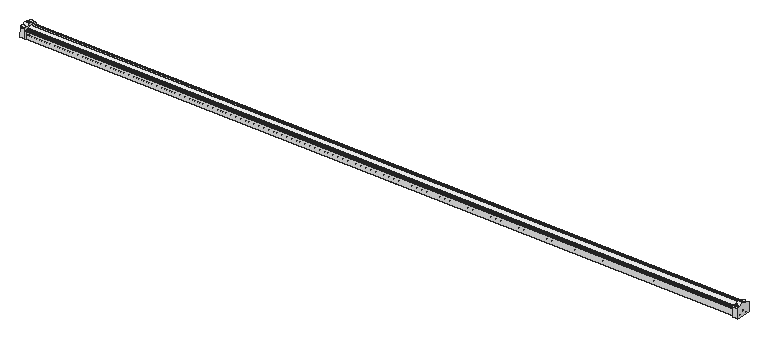
Revit family "S2215 updated", category Lighting Fixtures, host Face, Revit 2020
Family settings
  Host = Face
  Round Connector Dimension = Use Diameter
  Part Type = Normal
  Cut with Voids When Loaded = No
  Light Source = No
  Shared = Yes
  Room Calculation Point = No
Parameters (values of type "419 lm per FT 4.4 W per FT - DFD3")
  Wattage Comments = "4.4 W/FT"
  Warranty URL = "https://bllighting.com/terms-and-conditions/"
  Voltage = 24 V
  Version = "2020-v2.9"  # constant formula
  URL = "https://bllighting.com/"
  Rdwn [instance] = rounddown(L1 / Increment)  # 24
  RGBW 2 Watt [instance] = (4.5 W * Actual Light Length) / 12.0000"  # 17.7165 W
  RGBW 2 Lumens [instance] = 38 lm/W * RGBW 2 Watt  # 673.227 lm
  RGBW 2 = no
  Profile Material = Alumnium Base Track
  Product Page URL = "https://bllighting.com/products/profile/s2215"
  Product Name = Model  # "DFD3"
  Product Documentation Link = "https://bllighting.com/wp-content/uploads/S2215-Specification.pdf"
  Power Source Type = "Driver"  # constant formula
  Power Factor = 1
  Phase = 1
  Operating Temperature = "Consult Manufacturer Website for more Information"  # constant formula
  Number of Poles = if(and(or(Voltage = 120 V, Voltage = 277 V), Phase = 1), 1, if(and(or(Voltage = 208 V, Voltage = 240 V), Phase = 1), 2, if(and(or(Voltage = 208 V, Voltage = 240 V), Phase = 3), 3, if(and(Voltage > 300 V, Phase = 1), 2, if(and(Voltage > 400 V, Phase = 3), 3, 1)))))  # 1
  Number of LED's = "146 Diodes/FT"
  No Of Source [instance] = rounddown(Actual Light Length / Increment)  # 24
  Mounting Method = "Surface Mount"  # constant formula
  Model = "DFD3"
  Max Input Current = "4A"
  Manufacturer Phone Number = "1-604-874-4405"  # constant formula
  Manufacturer Email = "info@bllighting.com"
  Manufacturer Address = "111 - 8838 Heatner St. Vancouver. BC, Canada. V6P 3S8"  # constant formula
  Manufacturer = "BL Lighting"  # constant formula
  Lumen Output = "419 lm/FT"
  Load Classification = Lighting
  Light Length [instance] = 48.0000"
  Lens Material = Polycarbonate Optic
  Lead 2 End Cap [instance] = 1 = 1  # yes
  Lead 1 End Cap [instance] = 1 = 1  # yes
  Lamp Life = "50,000 Hours"
  Lamp = ""
  LED strip = Strip
  LED finish = LED
  LED Tape Page URL = "https://bllighting.com/products/led-tape/dfd3"
  LED Tape Documentation link = "https://bllighting.com/wp-content/uploads/DFD3-Specification.pdf"
  L1 [instance] = if(Light Length < Increment, Increment, Light Length)  # 48.0000"
  Input Voltage = "24VDC"
  Initial Intensity Comments = "Refer LED Strip type for Lumen Value"  # constant formula
  Initial Color Comments = "Perfomance based on 3000K Photometric Web File"  # constant formula
  Increment = 1.9685"
  Housing Protection Rating = "Consult Manufacturer Website for more Information"  # constant formula
  Has Dimming = 1 = 1  # yes
  Has Battery Backup = 0 = 1  # no
  Frequency Comments = ""
  Frequency = 60 Hz
  Environment = "Indoor"  # constant formula
  Description = "Flexible, Linear LED Lighting"  # constant formula
  Default Elevation = 48.0000"
  DFD3 Watt [instance] = (4.4 W * Actual Light Length) / 12.0000"  # 17.3228 W
  DFD3 Lumens [instance] = 98 lm/W * DFD3 Watt  # 1697.63 lm
  DFD3 = yes
  DFD2 Watt [instance] = (2.44 W * Actual Light Length) / 12.0000"  # 9.60628 W
  DFD2 Lumens [instance] = 100 lm/W * DFD2 Watt  # 960.628 lm
  DFD2 = no
  D2 Watt [instance] = (3 W * Actual Light Length) / 12.0000"  # 11.811 W
  D2 Lumens [instance] = 70 lm/W * D2 Watt  # 826.77 lm
  D2 = no
  Current Amps = 50 A
  Copyright = "©BL INNOVATIVE LIGHTING"  # constant formula
  Color Option Available = "2400K,2700K,3000K,3500K,4000K"
  built-in parameter 1114216 [instance] = 0  # (empty or 0)
  built-in parameter 1140040 [instance] = 1 = 1  # 1
  CCT = "2400K,2700K,3000K,3500K,4000K"
  Apparent Load = 96 VA
  Actual No Of Source [instance] = if(No Of Source < 2, 2, No Of Source)  # 24
  Actual Light Length [instance] = Rdwn * Increment  # 47.2440"
Reference planes (in)
  plane 1 "Center (Front/Back)": y = 0
  plane 2: z = 0
  plane 3 "Center (Left/Right)": x = 0
  plane 4: x = 47.244
  plane 5: x = 1.9685
  plane 6: y = 0.335
  plane 7: y = -0.335
  plane 8: x = 23.622
  plane 9: x = 22.6499
  plane 10: x = 24.5941
  plane 11: z = 0.07812
  plane 12: z = 0.84584
  plane 13: x = 22.642
  plane 14: x = 24.602
  plane 15: z = 0.30393
  plane 16: x = 8
  plane 17: x = 11
  plane 18: x = 39.244
  plane 19: x = 36.244
Forms (in)
  Sweep 1, solid, material "Alumnium Base Track" <- "Profile Material"
    path origin (0, -18.35094, 0.40687) x (1, 0, 0) y (0, 1, 0)
      loop
        line (0, 18.35094) -> (47.244, 18.35094)
    profile origin (23.622, 0, 0.40687) x (0, 1, 0) y (0, 0, 1)
      loop
        line (0.335, 0.06805) -> (0.335, -0.10294) -> (0, -0.10294) -> (-0.335, -0.10294) -> (-0.335, 0.06805) -> (-0.36346, 0.09651) -> (-0.335, 0.12496) -> (-0.38666, 0.12496) -> (-0.38666, -0.32874) -> (-0.335, -0.32874) -> (-0.29261, -0.23783)
        arc (-0.29261, -0.23783) -> (-0.27933, -0.17793) -> (-0.26605, -0.23783) r 0.03142
        line (-0.26605, -0.23783) -> (-0.22366, -0.32874) -> (-0.1316, -0.32874) -> (-0.1316, -0.27201) -> (-0.19528, -0.27201) -> (-0.19528, -0.15554) -> (0, -0.15554) -> (0.19528, -0.15554) -> (0.19528, -0.27201) -> (0.1316, -0.27201) -> (0.1316, -0.32874) -> (0.22366, -0.32874) -> (0.26605, -0.23783)
        arc (0.26605, -0.23783) -> (0.27933, -0.17793) -> (0.29261, -0.23783) r 0.03142
        line (0.29261, -0.23783) -> (0.335, -0.32874) -> (0.38666, -0.32874) -> (0.38666, 0.12496) -> (0.335, 0.12496) -> (0.36346, 0.09651) -> (0.335, 0.06805)
  Sweep 2, solid, material "Alumnium Base Track" <- "Profile Material"
    path origin (0, -18.35094, 0.80588) x (1, 0, 0) y (0, 1, 0)
      loop
        line (0, 18.35094) -> (47.244, 18.35094)
    profile origin (23.622, 0, 0.80588) x (0, 1, 0) y (0, 0, 1)
      loop
        line (0.335, -0.27405) -> (0.38467, -0.25582) -> (0.38467, -0.2247) -> (0.35157, -0.20402) -> (0.38642, -0.18061) -> (0.36467, -0.15886) -> (0.335, -0.1788) -> (0.23298, -0.1788)
        arc (0.23298, -0.1788) -> (0.12863, -0.09844) -> (0, -0.07016) r 0.30186
        arc (0, -0.07016) -> (-0.12863, -0.09844) -> (-0.23298, -0.1788) r 0.30186
        line (-0.23298, -0.1788) -> (-0.335, -0.1788) -> (-0.36467, -0.15886) -> (-0.38642, -0.18061) -> (-0.35157, -0.20402) -> (-0.38467, -0.2247) -> (-0.38467, -0.25582) -> (-0.335, -0.27405) -> (-0.36346, -0.30251) -> (-0.335, -0.33097) -> (-0.30385, -0.33097) -> (-0.30385, -0.26249) -> (-0.335, -0.24157) -> (-0.335, -0.21012) -> (-0.01487, -0.21012) -> (0.335, -0.21012) -> (0.335, -0.24157) -> (0.30385, -0.26249) -> (0.30385, -0.33097) -> (0.335, -0.33097) -> (0.36346, -0.30251) -> (0.335, -0.27405)
  Extrusion 3, solid, material "Alumnium Base Track" <- "Profile Material"
    sketch origin (5.90625, 0, 0) x (0, 1, 0) y (0, 0, 1)
      loop
        line (0.23015, 0.03474) -> (0.00486, 0.03474) -> (-0.23015, 0.03474) -> (-0.26209, 0.10325) -> (-0.26209, 0.15714) -> (-0.29418, 0.15714) -> (-0.29418, 0.10325) -> (-0.24604, 0) -> (0.01058, 0) -> (0.24604, 0) -> (0.29418, 0.10325) -> (0.29418, 0.15714) -> (0.26209, 0.15714) -> (0.26209, 0.10325) -> (0.23015, 0.03474)
    from 16.73575 to 18.69575
  Extrusion 4, void
    sketch origin (5.90625, 0, 0) x (1, 0, 0) y (0, 1, 0)
      loop
        circle (17.71575, -0.00312) r 0.10392
    from 0 to 0.07812
Cuts and joins
  Extrusion 4 cuts Extrusion 3
Dimensions and locks (in)
  "Actual Light Length": plane 3 "Center (Left/Right)" to plane 4
  "Increment": plane 3 "Center (Left/Right)" to plane 5
  equal spacing: plane 6, plane 1 "Center (Front/Back)", plane 7
  plane 6 to plane 7 = 0.6700"
  equal spacing: plane 3 "Center (Left/Right)", plane 8, plane 4
  equal spacing: plane 9, plane 8, plane 10
  locked: plane 11 to plane 2 at 0.07812
  plane 12 to plane 11 = 0.76772"
  locked: plane 13 to plane 8 at 0.98
  locked: plane 8 to plane 14 at 0.98
  locked: plane 16 to plane 3 "Center (Left/Right)" at 8
  plane 17 to plane 16 = 3.0000"
  locked: plane 4 to plane 18 at 8
  locked: plane 19 to plane 18 at 3
  locked: Extrusion 3 sketch curve to Extrusion 3 sketch curve at 0.03474
  locked: Extrusion 3 sketch curve to Extrusion 3 sketch curve at 0.15714  (x2)
  locked: Extrusion 3 sketch curve to Extrusion 3 sketch curve at 0.58836
  aligned and locked: host face to plane 2
  aligned and locked: host face to level
  aligned and locked: plane 11 to nested 1
  aligned and locked: plane 3 "Center (Left/Right)" to nested 1
  aligned and locked: plane 3 "Center (Left/Right)" to Sweep 1 sketch curve
  aligned and locked: plane 4 to Sweep 1 sketch curve
  aligned and locked: plane 4 to Sweep 2 sketch curve
  aligned and locked: plane 3 "Center (Left/Right)" to Sweep 2 sketch curve
  aligned and locked: plane 4 to nested 2
  aligned and locked: plane 1 "Center (Front/Back)" to nested 2
  aligned and locked: cut or joined group of Extrusion 3, Extrusion 4 to plane 14
  aligned and locked: cut or joined group of Extrusion 3, Extrusion 4 to plane 13
  aligned and locked: nested 3 to plane 1 "Center (Front/Back)"
  aligned and locked: plane 3 "Center (Left/Right)" to nested 3
  aligned and locked: nested 3 to plane 15
  aligned and locked: plane 1 "Center (Front/Back)" to nested 4
  aligned and locked: plane 1 "Center (Front/Back)" to nested 5
  aligned and locked: plane 1 "Center (Front/Back)" to nested 6
  aligned and locked: plane 3 "Center (Left/Right)" to nested 7
  aligned and locked: nested 7 to plane 1 "Center (Front/Back)"
  aligned and locked: nested 7 to plane 15
  aligned and locked: plane 3 "Center (Left/Right)" to nested 9
  aligned and locked: nested 9 to plane 1 "Center (Front/Back)"
  aligned and locked: nested 9 to plane 15
  aligned and locked: plane 3 "Center (Left/Right)" to nested 10
  aligned and locked: nested 10 to plane 1 "Center (Front/Back)"
  aligned and locked: nested 10 to plane 15
Automatic sketch dimensions
  host sketch curve to host sketch curve = 138.68247"
  host sketch curve to host sketch curve = 96.0000"
  plane 1 "Center (Front/Back)" to Sweep 1 sketch curve = 0.0000"
  Sweep 1 sketch curve to profile plane = 0.0000"  (x2)
  profile plane to Sweep 1 sketch curve = 0.1316"
  Sweep 1 sketch curve to Sweep 1 sketch curve = 0.06367"  (x2)
  Sweep 1 sketch curve to Sweep 1 sketch curve = 0.02838"  (x2)
  Sweep 1 sketch curve to Sweep 1 sketch curve = 0.07077"  (x2)
  Sweep 1 sketch curve to Sweep 1 sketch curve = 0.01328"  (x2)
  Sweep 1 sketch curve to Sweep 1 sketch curve = 0.02656"  (x2)
  Sweep 1 sketch curve to Sweep 1 sketch curve = 0.05567"  (x2)
  Sweep 1 sketch curve to Sweep 1 sketch curve = 0.04239"  (x2)
  Sweep 1 sketch curve to Sweep 1 sketch curve = 0.0000"  (x2)
  profile plane to Sweep 1 sketch curve = 0.09651"  (x2)
  Sweep 1 sketch curve to Sweep 1 sketch curve = 0.02846"  (x3)
  Sweep 1 sketch curve to Sweep 1 sketch curve = 0.05166"
  Sweep 1 sketch curve to profile plane = 0.1316"
  profile plane to Sweep 1 sketch curve = 0.12496"
  Sweep 1 sketch curve to Sweep 1 sketch curve = 0.0232"
  Sweep 1 sketch curve to profile plane = 0.10294"
  Sweep 1 sketch curve to Sweep 1 sketch curve = 0.0526"
  Sweep 1 sketch curve to Sweep 1 sketch curve = 0.05381"  (x2)
  Sweep 1 sketch curve to Sweep 1 sketch curve = 0.02848"  (x2)
  Sweep 1 sketch curve to Sweep 1 sketch curve = 0.03418"  (x2)
  Sweep 1 sketch curve to Sweep 1 sketch curve = 0.09091"  (x2)
  Sweep 1 sketch curve to Sweep 1 sketch curve = 0.05673"  (x2)
  plane 1 "Center (Front/Back)" to Sweep 2 sketch curve = 0.0000"
  Sweep 2 sketch curve to profile plane = 0.0000"
  profile plane to Sweep 2 sketch curve = 0.00106"
  profile plane to Sweep 2 sketch curve = 0.01487"
  Sweep 2 sketch curve to Sweep 2 sketch curve = 0.2181"
  Sweep 2 sketch curve to Sweep 2 sketch curve = 0.07087"  (x2)
  Sweep 2 sketch curve to Sweep 2 sketch curve = 0.03115"  (x4)
  Sweep 2 sketch curve to Sweep 2 sketch curve = 0.0000"  (x3)
  Sweep 2 sketch curve to Sweep 2 sketch curve = 0.01657"  (x4)
  Sweep 2 sketch curve to Sweep 2 sketch curve = 0.02846"  (x4)
  Sweep 2 sketch curve to profile plane = 0.15886"  (x2)
  Sweep 2 sketch curve to Sweep 2 sketch curve = 0.0131"  (x2)
  Sweep 2 sketch curve to Sweep 2 sketch curve = 0.02121"  (x2)
  Sweep 2 sketch curve to profile plane = 0.18061"  (x2)
  Sweep 2 sketch curve to Sweep 2 sketch curve = 0.02175"  (x2)
  Sweep 2 sketch curve to profile plane = 0.00106"
  Sweep 2 sketch curve to profile plane = 0.1788"
  Sweep 2 sketch curve to profile plane = 0.23298"
  Sweep 2 sketch curve to Sweep 2 sketch curve = 0.02522"
  Sweep 2 sketch curve to Sweep 2 sketch curve = 0.02341"
  Sweep 2 sketch curve to Sweep 2 sketch curve = 0.0061"
  Sweep 2 sketch curve to Sweep 2 sketch curve = 0.02068"  (x2)
  Sweep 2 sketch curve to Sweep 2 sketch curve = 0.03144"  (x2)
  Sweep 2 sketch curve to Sweep 2 sketch curve = 0.03111"  (x2)
  Sweep 2 sketch curve to Sweep 2 sketch curve = 0.02092"  (x2)
  Sweep 2 sketch curve to Sweep 2 sketch curve = 0.03249"  (x2)
  Sweep 2 sketch curve to Sweep 2 sketch curve = 0.16189"
  Extrusion 3 sketch curve to level = 0.0000"
  Extrusion 3 sketch curve to plane 7 = 0.04082"
  Extrusion 3 sketch curve to Extrusion 3 sketch curve = 0.03209"  (x2)
  Extrusion 3 sketch curve to plane 7 = 0.08896"
  Extrusion 3 sketch curve to Extrusion 3 sketch curve = 0.01589"  (x2)
  Extrusion 3 sketch curve to plane 1 "Center (Front/Back)" = 0.00486"
  Extrusion 3 sketch curve to plane 1 "Center (Front/Back)" = 0.01058"
  Extrusion 3 sketch curve to Extrusion 3 sketch curve = 0.06403"
  Extrusion 3 sketch curve to plane 11 = 0.02512"  (x4)
  Extrusion 4 sketch curve to plane 8 = 0.0000"
  plane 1 "Center (Front/Back)" to Extrusion 4 sketch curve = 0.00312"
  radius of Extrusion 4 sketch curve = 0.10392"
Nested families (in)
  nested 1: "LEFT END CAP" at (-0.3125, 0, 0.07812), Profile Material <- "Profile Material", visible <- "Lead 1 End Cap", type "LEFT END CAP"
    with Profile Material Alumnium Base Track
  nested 2: "RIGHT  END CAP" at (46.9315, 0, 0.07812), Profile Material <- "Profile Material", visible <- "Lead 2 End Cap", type "RIGHT  END CAP"
    with Profile Material Alumnium Base Track
  nested 3: "D2_3000K" at (0, -18.35094, 0.36393), BL flexFORM D2 <- "D2", visible <- "D2", Light Length <- "Light Length", type "D2"
    with Watt 11.811 W, Rdwn 24, No of Source 24, Lumens 826.77 lm, Light source Placement 23.6220", Light Length 48.0000", L1 48.0000", Cutting Increment 1.9685", BL flexFORM D2_1 no, BL flexFORM D2 yes, Actual No of Source 24, Actual Light Length 47.2440"
  nested 4: "D2 3000K LED Tape" at (1.12221, 0, -53.25), visible <- "D2", Length <- "Actual Light Length", No of Source <- "No Of Source", Source Size <- "Increment", type "D2 3000K LED Tape"
    with Source Size 1.9685", No of Source 24, Length 47.2440", D2 3000k_1 no, D2 3000K yes, Actual No Of Source 24
  nested 5: "Dot Free D2 3000K LED Tape" at (0.98859, 0, 0.01562), Length <- "Actual Light Length", No of Source <- "No Of Source", Source Size <- "Increment", visible <- "DFD2", type "Dot Free D2 3000K LED Tape"
    with Source Size 1.9685", No of Source 24, Length 47.2440", DFD2_1 no, DFD2 yes, Actual No Of Source 24
  nested 6: "Dot Free D3 3000K LED Tape" at (0.6875, 0, 0.01562), visible <- "DFD3", Length <- "Actual Light Length", No of Source <- "No Of Source", Source Size <- "Increment", type "Dot Free D3 3000K LED Tape"
    with Source Size 1.9685", No of Source 24, Length 47.2440", DFD3_1 no, DFD3 yes, Actual No Of Source 24
  nested 7: "RGBW 2" at (0, -18.35094, 0.36393), visible <- "RGBW 2", Light Length <- "Light Length", RGBW <- "RGBW 2", type "RGBW 2"
    with Watt 17.7165 W, Rdwn 12, RGBW_1 no, RGBW yes, No of Source 12, Lumens 673.227 lm, Light source Placement 23.6220", Light Length 48.0000", L1 48.0000", Cutting Increment 3.9370", Actual No Of Source 12, Actual Light Length 47.2440"
  nested 8: "RGBW 2 3000K LED Tape" at (0.26665, -0.0625, 0.03125), Source Size <- "Increment", No of Source <- "No Of Source", Length <- "Actual Light Length", visible <- "RGBW 2", type "RGBW 2 3000K LED Tape"
    with Source Size 1.9685", No of Source 24, Length 47.2440", DFD3_1 no, DFD3 yes, Actual No Of Source 24
  nested 9: "DFD2_3000K" at (0, -18.35094, 0.30393), visible <- "DFD2", Light Length <- "Light Length", type "DFD2_3000K"
    with Watt 9.60628 W, Rdwn 24, No of Source 24, Lumens 960.628 lm, Light source Placement 23.6220", Light Length 48.0000", L1 48.0000", DFD2_1 no, DFD2 yes, Cutting Increment 1.9685", Actual No Of Source 24, Actual Light Length 47.2440"
  nested 10: "DFD3_3000K" at (0, -18.35094, 0.30393), visible <- "DFD3", Light Length <- "Light Length", type "DFD3"
    with Watt 17.3228 W, Rdwn 24, No of Source 24, Lumens 1697.63 lm, Light source Placement 23.6220", Light Length 48.0000", L1 48.0000", Cutting Increment 1.9685", BL flexFORM Dot-Free D3_1 no, BL flexFORM Dot-Free D3 yes, Actual No Of Source 24, Actual Light Length 47.2440"
Connectors (in)
  electrical at (23.622, -0.057, 0), driven by "Voltage", driven by "Apparent Load", driven by "Power Factor", driven by "Load Classification"
    settings: on cut or joined group of Extrusion 3, Extrusion 4, index 1, voltage 24 V, apparent load 96 VA, apparent load phase1 0 VA, apparent load phase2 0 VA, apparent load phase3 0 VA, power factor 1, load classification "Lighting", number of poles 1, system type 30, power factor state 1, is connector primary yes, connector utility no, sub classification motor no, connector description ""
Definition of nested family "LEFT END CAP"
  Parameters (values of type "LEFT END CAP")
    Profile Material [instance] = none
    Default Elevation = 0.0000"
  Reference planes (in)
    plane 1 "Center (Front/Back)": y = 0
    plane 2: z = 0
    plane 3 "Center (Left/Right)": x = 0
    plane 4: z = 0.8125
    plane 5: y = 0.4375
    plane 6: y = -0.4375
    plane 7: x = 0.3125
    plane 8: z = 0.61024
  Forms (in)
    Extrusion 1, solid, material <- "Profile Material"
      sketch origin (0, 0, 0) x (0, 1, 0) y (0, 0, 1)
        loop
          line (0.4375, 0) -> (0.4375, 0.58155) -> (0.37803, 0.64102)
          arc (0.37803, 0.64102) -> (0.34076, 0.65645) -> (0.30349, 0.64102) r 0.05271
          line (0.30349, 0.64102) -> (0.26619, 0.59495)
          arc (0.26619, 0.59495) -> (0.25017, 0.5879) -> (0.23513, 0.59685) r 0.01911
          arc (0.23513, 0.59685) -> (0.13444, 0.69273) -> (0, 0.72817) r 0.27924
          arc (0, 0.72817) -> (-0.13444, 0.69273) -> (-0.23513, 0.59685) r 0.27924
          arc (-0.23513, 0.59685) -> (-0.25017, 0.5879) -> (-0.26619, 0.59495) r 0.01911
          line (-0.26619, 0.59495) -> (-0.30349, 0.64102)
          arc (-0.30349, 0.64102) -> (-0.34076, 0.65645) -> (-0.37803, 0.64102) r 0.05271
          line (-0.37803, 0.64102) -> (-0.4375, 0.58155) -> (-0.4375, 0) -> (0.4375, 0)
        loop
          circle (0.26741, 0.13612) r 0.04957
        loop
          circle (-0.26741, 0.13612) r 0.04957
      from 0 to 0.3125
    Extrusion 2, void
      sketch origin (0, 0, 0) x (0, 1, 0) y (0, 0, 1)
        loop
          line (-0.37603, 0.52961) -> (-0.37603, 0) -> (0, 0) -> (0.37603, 0) -> (0.37603, 0.52961) -> (0.20292, 0.52961)
          arc (0.20292, 0.52961) -> (0.11965, 0.62165) -> (0, 0.65469) r 0.22228
          arc (0, 0.65469) -> (-0.11965, 0.62165) -> (-0.20292, 0.52961) r 0.22228
          line (-0.20292, 0.52961) -> (-0.37603, 0.52961)
      from 0.05297 to 0.3125
    Extrusion 3, void
      sketch origin (0, 0, 0) x (0, 1, 0) y (0, 0, 1)
        loop
          circle (-0.26741, 0.13612) r 0.09127
      from 0 to 0.03024
    Extrusion 4, void
      sketch origin (0, 0, 0) x (0, -1, 0) y (0, 0, -1)
        loop
          circle (-0.26741, -0.13612) r 0.09127
      from 0 to 0.03024
  Cuts and joins
    Extrusion 2, Extrusion 3, Extrusion 4 cuts Extrusion 1
  Dimensions and locks (in)
    equal spacing: plane 5, plane 1 "Center (Front/Back)", plane 6
    plane 5 to plane 6 = 0.8750"
    plane 4 to plane 2 = 0.8125"
    plane 7 to plane 3 "Center (Left/Right)" = 0.3125"
    locked: Extrusion 1 to Extrusion 2 sketch curve at 0.06147
    locked: Extrusion 2 sketch curve to Extrusion 1 at 0.06147
    locked: Extrusion 2 to plane 3 "Center (Left/Right)" at 0.05297
    locked: cut or joined group of Extrusion 1, Extrusion 2, Extrusion 3, Extrusion 4 to cut or joined group of Extrusion 1, Extrusion 2, Extrusion 3, Extrusion 4 at 0.03024
    aligned and locked: plane 2 to level
    aligned and locked: Extrusion 1 sketch curve to plane 5
    aligned and locked: Extrusion 1 sketch curve to level
    aligned and locked: Extrusion 1 sketch curve to plane 6
    aligned and locked: Extrusion 1 to plane 3 "Center (Left/Right)"
    aligned and locked: plane 7 to Extrusion 1
    aligned and locked: plane 2 to Extrusion 2 sketch curve
    aligned and locked: Extrusion 2 sketch curve to level
    aligned and locked: Extrusion 2 to Extrusion 1
  Automatic sketch dimensions
    plane 6 to Extrusion 3 sketch curve = 0.17009"
    level to Extrusion 3 sketch curve = 0.13612"
    Extrusion 4 sketch curve to plane 5 = 0.17009"
    Extrusion 4 sketch curve to level = 0.13612"
    Extrusion 1 sketch curve to plane 1 "Center (Front/Back)" = 0.0000"
    plane 6 to Extrusion 1 sketch curve = 0.05947"
    Extrusion 1 sketch curve to Extrusion 1 sketch curve = 0.03727"  (x6)
    plane 6 to Extrusion 1 sketch curve = 0.17009"
    Extrusion 1 sketch curve to Extrusion 1 sketch curve = 0.03731"  (x2)
    Extrusion 1 sketch curve to Extrusion 1 sketch curve = 0.01485"  (x2)
    plane 1 "Center (Front/Back)" to Extrusion 1 sketch curve = 0.00172"
    Extrusion 1 sketch curve to plane 1 "Center (Front/Back)" = 0.00172"
    plane 5 to Extrusion 1 sketch curve = 0.18617"
    plane 5 to Extrusion 1 sketch curve = 0.17009"
    level to Extrusion 1 sketch curve = 0.13612"  (x2)
    Extrusion 1 sketch curve to Extrusion 1 sketch curve = 0.31282"
    Extrusion 1 sketch curve to Extrusion 1 sketch curve = 0.0000"  (x2)
    Extrusion 1 sketch curve to plane 4 = 0.23095"
    Extrusion 1 sketch curve to Extrusion 1 sketch curve = 0.0134"
    Extrusion 1 sketch curve to Extrusion 1 sketch curve = 0.14601"
    Extrusion 1 sketch curve to Extrusion 1 sketch curve = 0.0088"  (x2)
    Extrusion 1 sketch curve to Extrusion 1 sketch curve = 0.01203"  (x2)
    Extrusion 1 sketch curve to Extrusion 1 sketch curve = 0.0222"
    Extrusion 2 sketch curve to plane 1 "Center (Front/Back)" = 0.0000"  (x2)
    Extrusion 2 sketch curve to plane 8 = 0.08063"  (x2)
    Extrusion 2 sketch curve to Extrusion 2 sketch curve = 0.1731"  (x2)
    plane 1 "Center (Front/Back)" to Extrusion 2 sketch curve = 0.00302"
    Extrusion 2 sketch curve to plane 1 "Center (Front/Back)" = 0.00302"
    Extrusion 2 sketch curve to plane 8 = 0.1778"
    radius of Extrusion 3 sketch curve = 0.09127"
    radius of Extrusion 4 sketch curve = 0.09127"
    radius of Extrusion 1 sketch curve = 0.04957"  (x2)
Definition of nested family "RIGHT  END CAP"
  Parameters (values of type "RIGHT  END CAP")
    Profile Material [instance] = none
    Default Elevation = 0.0000"
  Reference planes (in)
    plane 1 "Center (Front/Back)": y = 0
    plane 2: z = 0
    plane 3 "Center (Left/Right)": x = 0
    plane 4: z = 0.8125
    plane 5: y = 0.4375
    plane 6: y = -0.4375
    plane 7: x = 0.3125
    plane 8: z = 0.61024
  Forms (in)
    Extrusion 1, void
      sketch origin (0, 0, 0) x (0, 1, 0) y (0, 0, 1)
        loop
          line (0.06153, 0.38098) -> (-0.06153, 0.38098)
          arc (-0.06153, 0.38098) -> (-0.09662, 0.3096) -> (-0.06153, 0.23821) r 0.09015
          line (-0.06153, 0.23821) -> (0.06153, 0.23821)
          arc (0.06153, 0.23821) -> (0.09662, 0.3096) -> (0.06153, 0.38098) r 0.09015
      from 0 to 12
    Extrusion 2, solid, material <- "Profile Material"
      sketch origin (0.625, 0, 0) x (0, 1, 0) y (0, 0, -1)
        loop
          line (0.4375, 0) -> (-0.4375, 0) -> (-0.4375, -0.58155) -> (-0.37803, -0.64102)
          arc (-0.37803, -0.64102) -> (-0.34076, -0.65645) -> (-0.30349, -0.64102) r 0.05271
          line (-0.30349, -0.64102) -> (-0.26619, -0.59495)
          arc (-0.26619, -0.59495) -> (-0.25017, -0.5879) -> (-0.23513, -0.59685) r 0.01911
          arc (-0.23513, -0.59685) -> (-0.13444, -0.69273) -> (0, -0.72817) r 0.27924
          arc (0, -0.72817) -> (0.13444, -0.69273) -> (0.23513, -0.59685) r 0.27924
          arc (0.23513, -0.59685) -> (0.25017, -0.5879) -> (0.26619, -0.59495) r 0.01911
          line (0.26619, -0.59495) -> (0.30349, -0.64102)
          arc (0.30349, -0.64102) -> (0.34076, -0.65645) -> (0.37803, -0.64102) r 0.05271
          line (0.37803, -0.64102) -> (0.4375, -0.58155) -> (0.4375, 0)
        loop
          circle (0.26741, -0.13612) r 0.04957
        loop
          circle (-0.26741, -0.13612) r 0.04957
      from 0 to 0.3125
    Extrusion 3, void
      sketch origin (0.625, 0, 0) x (0, 1, 0) y (0, 0, -1)
        loop
          line (-0.37603, -0.52961) -> (-0.20292, -0.52961)
          arc (-0.20292, -0.52961) -> (-0.11965, -0.62165) -> (0, -0.65469) r 0.22228
          arc (0, -0.65469) -> (0.11965, -0.62165) -> (0.20292, -0.52961) r 0.22228
          line (0.20292, -0.52961) -> (0.37603, -0.52961) -> (0.37603, 0) -> (0, 0) -> (-0.37603, 0) -> (-0.37603, -0.52961)
      from 0.05297 to 0.3125
    Extrusion 4, void
      sketch origin (0.625, 0, 0) x (0, 1, 0) y (0, 0, -1)
        loop
          circle (-0.26741, -0.13612) r 0.09127
      from 0 to 0.03024
    Extrusion 5, void
      sketch origin (0.625, 0, 0) x (0, -1, 0) y (0, 0, 1)
        loop
          circle (-0.26741, 0.13612) r 0.09127
      from 0 to 0.03024
  Cuts and joins
    Extrusion 1, Extrusion 3, Extrusion 4, Extrusion 5 cuts Extrusion 2
  Dimensions and locks (in)
    equal spacing: plane 5, plane 1 "Center (Front/Back)", plane 6
    plane 5 to plane 6 = 0.8750"
    plane 4 to plane 2 = 0.8125"
    plane 7 to plane 3 "Center (Left/Right)" = 0.3125"
    locked: Extrusion 2 to Extrusion 3 sketch curve at 0.06147
    locked: Extrusion 3 sketch curve to Extrusion 2 at 0.06147
    aligned and locked: plane 2 to level
    aligned and locked: Extrusion 3 to Extrusion 2
  Automatic sketch dimensions
    plane 1 "Center (Front/Back)" to Extrusion 1 sketch curve = 0.06153"  (x2)
    plane 1 "Center (Front/Back)" to Extrusion 1 sketch curve = 0.00647"
    Extrusion 1 sketch curve to plane 1 "Center (Front/Back)" = 0.00647"
    Extrusion 1 sketch curve to plane 1 "Center (Front/Back)" = 0.06153"  (x2)
    level to Extrusion 1 sketch curve = 0.23821"
    Extrusion 1 sketch curve to Extrusion 1 sketch curve = 0.07138"
    Extrusion 2 sketch curve to plane 6 = 0.0000"
    Extrusion 2 sketch curve to plane 1 "Center (Front/Back)" = 0.0000"
    Extrusion 2 sketch curve to level = 0.0000"
    Extrusion 2 sketch curve to plane 5 = 0.0000"
    plane 6 to Extrusion 2 sketch curve = 0.05947"
    Extrusion 2 sketch curve to plane 8 = 0.00649"  (x2)
    Extrusion 2 sketch curve to Extrusion 2 sketch curve = 0.03727"  (x3)
    plane 8 to Extrusion 2 sketch curve = 0.03078"  (x3)
    plane 6 to Extrusion 2 sketch curve = 0.17009"
    Extrusion 2 sketch curve to plane 8 = 0.01529"  (x2)
    Extrusion 2 sketch curve to Extrusion 2 sketch curve = 0.03731"  (x2)
    Extrusion 2 sketch curve to plane 8 = 0.00326"  (x2)
    Extrusion 2 sketch curve to Extrusion 2 sketch curve = 0.01485"  (x2)
    plane 1 "Center (Front/Back)" to Extrusion 2 sketch curve = 0.00172"
    Extrusion 2 sketch curve to plane 1 "Center (Front/Back)" = 0.00172"
    plane 5 to Extrusion 2 sketch curve = 0.18617"
    plane 5 to Extrusion 2 sketch curve = 0.17009"
    Extrusion 2 sketch curve to plane 8 = 0.02869"  (x2)
    Extrusion 2 sketch curve to plane 8 = 0.1613"
    Extrusion 2 sketch curve to Extrusion 2 sketch curve = 0.0000"  (x2)
    level to Extrusion 2 sketch curve = 0.13612"  (x2)
    Extrusion 3 sketch curve to level = 0.0000"
    Extrusion 3 sketch curve to plane 1 "Center (Front/Back)" = 0.0000"  (x2)
    Extrusion 3 sketch curve to plane 8 = 0.08063"  (x2)
    Extrusion 3 sketch curve to Extrusion 3 sketch curve = 0.1731"  (x2)
    plane 1 "Center (Front/Back)" to Extrusion 3 sketch curve = 0.00302"
    Extrusion 3 sketch curve to plane 1 "Center (Front/Back)" = 0.00302"
    Extrusion 3 sketch curve to plane 8 = 0.1778"
    plane 6 to Extrusion 4 sketch curve = 0.17009"
    level to Extrusion 4 sketch curve = 0.13612"
    plane 5 to Extrusion 5 sketch curve = 0.17009"
    level to Extrusion 5 sketch curve = 0.13612"
    radius of Extrusion 2 sketch curve = 0.04957"  (x2)
    radius of Extrusion 4 sketch curve = 0.09127"
    radius of Extrusion 5 sketch curve = 0.09127"
Definition of nested family "D2_3000K"
  Parameters (values of type "D2")
    Wattage Comments = "3.0 W/FT"
    Warranty URL = "https://bllighting.com/terms-and-conditions/"
    Voltage Comments = ""
    Version = "2020-v2.9"  # constant formula
    URL = "https://bllighting.com/"
    Strip = none
    Product Page URL = "https://bllighting.com/our-products/bl-flexform-d2-series/#Bl%20flexFORM%20D2++%23Bl%20flexFORM%20D2++"
    Product Name = "D2"  # constant formula
    Product Documentation Link = ""
    No of Source [instance] = rounddown(Actual Light Length / Cutting Increment)  # 1
    Model = "D2"
    Manufacturer Phone Number = "1-604-874-4405"  # constant formula
    Manufacturer Email = "info@bllighting.com"
    Manufacturer Address = "111 - 8838 Heatner St. Vancouver. BC, Canada. V6P 3S8"  # constant formula
    Manufacturer = "BL Lighting"  # constant formula
    Lumen Output = "209 lm/FT"
    Lens Material = none
    Lamp Life = "50,000 Hours"
    LED = none
    Instruction Sheet Link = ""
    Finish = none
    Description = "Flexible,Linear LED Strip Lighting"  # constant formula
    D = 0.0600"
    Copyright = "©BL INNOVATIVE LIGHTING"  # constant formula
    BL flexFORM D2_1 [instance] = not(BL flexFORM D2)  # yes
    BL flexFORM D2 [instance] = if(No of Source < 2, 1 = 0, 1 = 1)  # no
    Actual No of Source [instance] = if(No of Source < 2, 2, No of Source)  # 2
    Actual Light Length [instance] = Rdwn * Cutting Increment  # 1.9685"
    Watt [instance] = (3 W * Actual Light Length) / 12.0000"  # 0.492125 W
    Lamp = "LED,SMD 3528"
    Cutting Increment [instance] = 1.9685"  # constant formula
    Rdwn [instance] = rounddown(L1 / Cutting Increment)  # 1
    Lumens [instance] = 70 lm/W * Watt  # 34.4487 lm
    Light source Placement [instance] = Actual Light Length / 2  # 0.98425"
    Light Length [instance] = 1.0000"
    L1 [instance] = if(Light Length < Cutting Increment, Cutting Increment, Light Length)  # 1.9685"
    Default Elevation = 0.0000"
    A = 0.3100"
  Reference planes (in)
    plane 1 "Center (Front/Back)": y = 0
    plane 2: z = 0
    plane 3 "Center (Left/Right)": x = 0
    plane 4: x = 1.9685
    plane 5: y = 18.35094
    plane 6: x = 0.98425
    plane 7: z = -0.33465
    plane 8: y = 18.50594
    plane 9: y = 18.19594
    plane 10: x = 1.9685
    plane 11: z = -0.06
  Dimensions and locks (in)
    "Actual Light Length": plane 4 to plane 3 "Center (Left/Right)"
    "Actual Light Length": plane 3 "Center (Left/Right)" to plane 4
    plane 6 to plane 4 = 0.98425"
    "Light source Placement": plane 6 to plane 4
    locked: plane 1 "Center (Front/Back)" to plane 5 at 18.35094
    locked: level to plane 7 at 0.33465
    "A": plane 8 to plane 9
    equal spacing: plane 8, plane 5, plane 9
    "Cutting Increment": plane 3 "Center (Left/Right)" to plane 10
    "D": level to plane 11
    group 1 to group 2 = 1.9685"
    group 1 to group 2 = 0.0000"  (x2)
    aligned and locked: level to plane 2
    aligned and locked: nested 1 to plane 5
    aligned and locked: plane 3 "Center (Left/Right)" to nested 1
    aligned and locked: plane 10 to nested 2
    aligned and locked: nested 2 to plane 11
    aligned and locked: nested 3 to plane 5
    aligned and locked: nested 3 to plane 3 "Center (Left/Right)"
    aligned and locked: nested 3 to plane 11
  Nested families (in)
    nested 1: "Increment strip" at (0, 18.35094, 0), Increment <- "Cutting Increment", LED <- "LED", Strip <- "Strip", Width <- "A", Height <- "D", visible <- "BL flexFORM D2", BL flexFORM D2 <- "BL flexFORM D2", type "Increment strip"
      with Width 0.3100", Strip none, LED none, Increment 1.9685", Height 0.0600", BL flexFORM D2 no
    nested 2: "Increment strip" at (1.9685, 18.35094, 0), Increment <- "Cutting Increment", LED <- "LED", Strip <- "Strip", Width <- "A", Height <- "D", visible <- "BL flexFORM D2", BL flexFORM D2 <- "BL flexFORM D2", type "Increment strip"
      with Width 0.3100", Strip none, LED none, Increment 1.9685", Height 0.0600", BL flexFORM D2 no
    nested 3: "Increment strip" at (0, 18.35094, 0), Height <- "D", Increment <- "Cutting Increment", Width <- "A", LED <- "LED", Strip <- "Strip", visible <- "BL flexFORM D2_1", BL flexFORM D2 <- "BL flexFORM D2_1", type "Increment strip"
      with Width 0.3100", Strip none, LED none, Increment 1.9685", Height 0.0600", BL flexFORM D2 yes
  Definition of nested family "Increment strip"
    Parameters (values of type "Increment strip")
      Width [instance] = 0.30859"
      Strip [instance] = none
      LED [instance] = none
      Increment [instance] = 1.96094"
      Height [instance] = 0.05859"
      Default Elevation = 0.0000"
      BL flexFORM D2 [instance] = yes
    Reference planes (in)
      plane 1 "Center (Front/Back)": y = 0
      plane 2: z = 0
      plane 3 "Center (Left/Right)": x = 0
      plane 4: x = 1.96094
      plane 5: y = -0.1543
      plane 6: y = 0.1543
      plane 7: z = -0.05859
      plane 8: x = 0.15625
      plane 9: x = 1.78125
      plane 10: y = 0.29944
    Forms (in)
      Sweep 1, solid, material <- "Strip", visible <- "BL flexFORM D2"
        path origin (0, 0, 0) x (1, 0, 0) y (0, 1, 0)
          loop
            line (1.96094, 0) -> (0, 0)
        profile origin (0.98047, 0, 0) x (0, -1, 0) y (0, 0, 1)
          loop
            line (-0.1543, -0.02648) -> (-0.1543, -0.05859) -> (0.1543, -0.05859) -> (0.1543, -0.02648) -> (-0.1543, -0.02648)
      Extrusion 2, solid, material <- "LED", visible <- "BL flexFORM D2"
        sketch origin (0.33071, 0, 0.03211) x (1, 0, 0) y (0, 1, 0)
          loop
            line (0.11688, 0.03937) -> (0.11688, -0.03937) -> (0.19562, -0.03937) -> (0.19562, 0.03937) -> (0.11688, 0.03937)
        from -0.05859 to -0.03211
      Extrusion 3, solid, material <- "LED", visible <- "BL flexFORM D2"
        sketch origin (0, 0, 0.03211) x (1, 0, 0) y (0, 1, 0)
          loop
            line (0.11688, 0.03937) -> (0.11688, -0.03937) -> (0.19562, -0.03937) -> (0.19562, 0.03937) -> (0.11688, 0.03937)
        from -0.05859 to -0.03211
      Extrusion 4, solid, material <- "LED", visible <- "BL flexFORM D2"
        sketch origin (0.66142, 0, 0.03211) x (1, 0, 0) y (0, 1, 0)
          loop
            line (0.11688, 0.03937) -> (0.11688, -0.03937) -> (0.19562, -0.03937) -> (0.19562, 0.03937) -> (0.11688, 0.03937)
        from -0.05859 to -0.03211
      Extrusion 5, solid, material <- "LED", visible <- "BL flexFORM D2"
        sketch origin (0.96358, 0, 0.03211) x (1, 0, 0) y (0, 1, 0)
          loop
            line (0.11688, 0.03937) -> (0.11688, -0.03937) -> (0.19562, -0.03937) -> (0.19562, 0.03937) -> (0.11688, 0.03937)
        from -0.05859 to -0.03211
      Extrusion 6, solid, material <- "LED", visible <- "BL flexFORM D2"
        sketch origin (1.29429, 0, 0.03211) x (1, 0, 0) y (0, 1, 0)
          loop
            line (0.11688, 0.03937) -> (0.11688, -0.03937) -> (0.19562, -0.03937) -> (0.19562, 0.03937) -> (0.11688, 0.03937)
        from -0.05859 to -0.03211
      Extrusion 7, solid, material <- "LED", visible <- "BL flexFORM D2"
        sketch origin (1.625, 0, 0.03211) x (1, 0, 0) y (0, 1, 0)
          loop
            line (0.11688, 0.03937) -> (0.11688, -0.03937) -> (0.19562, -0.03937) -> (0.19562, 0.03937) -> (0.11688, 0.03937)
        from -0.05859 to -0.03211
    Dimensions and locks (in)
      "Increment": plane 3 "Center (Left/Right)" to plane 4
      equal spacing: plane 5, plane 1 "Center (Front/Back)", plane 6
      "Width": plane 5 to plane 6
      "Height": level to plane 7
      locked: Extrusion 2 sketch curve to Extrusion 2 sketch curve at 0.07874  (x2)
      locked: Extrusion 3 sketch curve to Extrusion 3 sketch curve at 0.07874  (x2)
      locked: Extrusion 4 sketch curve to Extrusion 4 sketch curve at 0.07874  (x2)
      locked: Extrusion 5 sketch curve to Extrusion 5 sketch curve at 0.07874  (x2)
      locked: Extrusion 6 sketch curve to Extrusion 6 sketch curve at 0.07874  (x2)
      locked: Extrusion 7 sketch curve to Extrusion 7 sketch curve at 0.07874  (x2)
      aligned and locked: plane 2 to level
      aligned and locked: Sweep 1 sketch curve to plane 1 "Center (Front/Back)"
      aligned and locked: plane 3 "Center (Left/Right)" to Sweep 1 sketch curve
      aligned and locked: plane 4 to Sweep 1 sketch curve
      aligned and locked: Sweep 1 sketch curve to plane 5
      aligned and locked: plane 6 to Sweep 1 sketch curve
      aligned and locked: Sweep 1 to plane 7
      aligned and locked: Extrusion 3 to Sweep 1
      aligned and locked: Extrusion 2 to Sweep 1
      aligned and locked: Extrusion 4 to Sweep 1
      aligned and locked: Extrusion 5 to Sweep 1
      aligned and locked: Extrusion 6 to Sweep 1
      aligned and locked: Extrusion 7 to Sweep 1
    Automatic sketch dimensions
      Sweep 1 sketch curve to level = 0.05859"
      Sweep 1 sketch curve to level = 0.02648"
      Extrusion 2 sketch curve to plane 1 "Center (Front/Back)" = 0.03937"
      plane 8 to Extrusion 2 sketch curve = 0.29134"
      Extrusion 3 sketch curve to plane 8 = 0.03937"
      plane 1 "Center (Front/Back)" to Extrusion 3 sketch curve = 0.03937"
      Extrusion 4 sketch curve to plane 1 "Center (Front/Back)" = 0.03937"
      plane 8 to Extrusion 4 sketch curve = 0.62205"
      Extrusion 5 sketch curve to plane 1 "Center (Front/Back)" = 0.03937"
      Extrusion 5 sketch curve to plane 9 = 0.70079"
      Extrusion 6 sketch curve to plane 1 "Center (Front/Back)" = 0.03937"
      Extrusion 6 sketch curve to plane 9 = 0.37008"
      Extrusion 7 sketch curve to plane 9 = 0.03937"
      plane 1 "Center (Front/Back)" to Extrusion 7 sketch curve = 0.03937"
Definition of nested family "RGBW 2"
  Parameters (values of type "RGBW 2")
    Wattage Comments = "4.5 W/FT"
    Watt [instance] = (4.5 W * Actual Light Length) / 12.0000"  # 17.7165 W
    Warranty URL = "https://bllighting.com/terms-and-conditions/"
    Voltage Comments = ""
    Version = "2020-v2.9"  # constant formula
    URL = "https://bllighting.com/"
    Strip = none
    Rdwn [instance] = rounddown(L1 / Cutting Increment)  # 12
    RGBW_1 [instance] = not(RGBW)  # no
    RGBW [instance] = if(No of Source < 2, 1 = 0, 1 = 1)  # yes
    Product Page URL = "https://bllighting.com/our-products/bl-flexform-rgbw/#BL%20flexFORM%20RGBW+RGBW(3000K)+IP65"
    Product Name = Model  # "RGBW"
    Product Documentation Link = "https://bllighting.com/wp-content/uploads/RGBW-Specification.pdf"
    No of Source [instance] = rounddown(Actual Light Length / Cutting Increment)  # 12
    Model = "RGBW"
    Manufacturer Phone Number = "1-604-874-4405"  # constant formula
    Manufacturer Email = "info@bllighting.com"
    Manufacturer Address = "111 - 8838 Heatner St. Vancouver. BC, Canada. V6P 3S8"  # constant formula
    Manufacturer = "BL Lighting"  # constant formula
    Lumens [instance] = 38 lm/W * Watt  # 673.227 lm
    Lumen Output = "171 lm/FT"
    Light source Placement [instance] = Actual Light Length / 2  # 23.6220"
    Light Length [instance] = 48.0000"
    Lens Material = none
    Lamp Life = "50,000 Hours"
    Lamp = "SMD 5050"
    LED = none
    L1 [instance] = if(Light Length < Cutting Increment, Cutting Increment, Light Length)  # 48.0000"
    Instruction Sheet Link = "https://bllighting.com/wp-content/uploads/RGBW-Specification.pdf"
    Initial Color Option Available = ""
    Finish = none
    Description = "Flexible,Linear LED Strip Lighting"  # constant formula
    Default Elevation = 0.0000"
    D = 0.0600"
    Cutting Increment [instance] = 3.9370"  # constant formula
    Copyright = "©BL INNOVATIVE LIGHTING"  # constant formula
    Actual No Of Source [instance] = if(No of Source < 2, 2, No of Source)  # 12
    Actual Light Length [instance] = Rdwn * Cutting Increment  # 47.2440"
    A = 0.4900"
  Reference planes (in)
    plane 1 "Center (Front/Back)": y = 0
    plane 2: z = 0
    plane 3 "Center (Left/Right)": x = 0
    plane 4: x = 47.244
    plane 5: y = 18.35094
    plane 6: x = 23.622
    plane 7: z = -0.33465
    plane 8: y = 18.59594
    plane 9: y = 18.10594
    plane 10: x = 3.937
    plane 11: z = -0.06
  Dimensions and locks (in)
    "Actual Light Length": plane 4 to plane 3 "Center (Left/Right)"
    "Actual Light Length": plane 3 "Center (Left/Right)" to plane 4
    plane 6 to plane 4 = 23.6220"
    "Light source Placement": plane 6 to plane 4
    locked: plane 1 "Center (Front/Back)" to plane 5 at 18.35094
    locked: level to plane 7 at 0.33465
    "A": plane 8 to plane 9
    equal spacing: plane 8, plane 5, plane 9
    "Cutting Increment": plane 3 "Center (Left/Right)" to plane 10
    "D": level to plane 11
    equal spacing: group 1, group 2, group 3, group 4, group 5, group 6, group 7, group 8, group 9, group 10, group 11, group 12  (x3)
    aligned and locked: level to plane 2
    aligned and locked: plane 3 "Center (Left/Right)" to nested 1
    aligned and locked: nested 1 to plane 5
    aligned and locked: nested 1 to plane 11
    aligned and locked: plane 10 to nested 2
    aligned and locked: plane 3 "Center (Left/Right)" to nested 3
    aligned and locked: nested 3 to plane 11
    aligned and locked: nested 3 to plane 5
  Nested families (in)
    nested 1: "Increment strip 4" at (0, 18.35094, 0), LED <- "LED", Strip <- "Strip", Height <- "D", Increment <- "Cutting Increment", Width <- "A", visible <- "RGBW", RGBW <- "RGBW", type "Increment strip 4"
      with Width 0.4900", Strip none, RGBW yes, LED none, Increment 3.9370", Height 0.0600"
    nested 2: "Increment strip 4" at (3.937, 18.35094, 0), LED <- "LED", Strip <- "Strip", Height <- "D", Increment <- "Cutting Increment", Width <- "A", visible <- "RGBW", RGBW <- "RGBW", type "Increment strip 4"
      with Width 0.4900", Strip none, RGBW yes, LED none, Increment 3.9370", Height 0.0600"
    nested 3: "Increment strip 4" at (0, 18.35094, 0), LED <- "LED", Strip <- "Strip", Height <- "D", Increment <- "Cutting Increment", Width <- "A", RGBW <- "RGBW_1", visible <- "RGBW_1", type "Increment strip 4"
      with Width 0.4900", Strip none, RGBW no, LED none, Increment 3.9370", Height 0.0600"
    nested 4: "Increment strip 4" at (7.874, 18.35094, 0), LED <- "LED", Strip <- "Strip", Height <- "D", Increment <- "Cutting Increment", Width <- "A", visible <- "RGBW", RGBW <- "RGBW", type "Increment strip 4"
      with Width 0.4900", Strip none, RGBW yes, LED none, Increment 3.9370", Height 0.0600"
    nested 5: "Increment strip 4" at (11.811, 18.35094, 0), LED <- "LED", Strip <- "Strip", Height <- "D", Increment <- "Cutting Increment", Width <- "A", visible <- "RGBW", RGBW <- "RGBW", type "Increment strip 4"
      with Width 0.4900", Strip none, RGBW yes, LED none, Increment 3.9370", Height 0.0600"
    nested 6: "Increment strip 4" at (15.748, 18.35094, 0), LED <- "LED", Strip <- "Strip", Height <- "D", Increment <- "Cutting Increment", Width <- "A", visible <- "RGBW", RGBW <- "RGBW", type "Increment strip 4"
      with Width 0.4900", Strip none, RGBW yes, LED none, Increment 3.9370", Height 0.0600"
    nested 7: "Increment strip 4" at (19.685, 18.35094, 0), LED <- "LED", Strip <- "Strip", Height <- "D", Increment <- "Cutting Increment", Width <- "A", visible <- "RGBW", RGBW <- "RGBW", type "Increment strip 4"
      with Width 0.4900", Strip none, RGBW yes, LED none, Increment 3.9370", Height 0.0600"
    nested 8: "Increment strip 4" at (23.622, 18.35094, 0), LED <- "LED", Strip <- "Strip", Height <- "D", Increment <- "Cutting Increment", Width <- "A", visible <- "RGBW", RGBW <- "RGBW", type "Increment strip 4"
      with Width 0.4900", Strip none, RGBW yes, LED none, Increment 3.9370", Height 0.0600"
    nested 9: "Increment strip 4" at (27.559, 18.35094, 0), LED <- "LED", Strip <- "Strip", Height <- "D", Increment <- "Cutting Increment", Width <- "A", visible <- "RGBW", RGBW <- "RGBW", type "Increment strip 4"
      with Width 0.4900", Strip none, RGBW yes, LED none, Increment 3.9370", Height 0.0600"
    nested 10: "Increment strip 4" at (31.496, 18.35094, 0), LED <- "LED", Strip <- "Strip", Height <- "D", Increment <- "Cutting Increment", Width <- "A", visible <- "RGBW", RGBW <- "RGBW", type "Increment strip 4"
      with Width 0.4900", Strip none, RGBW yes, LED none, Increment 3.9370", Height 0.0600"
    nested 11: "Increment strip 4" at (35.433, 18.35094, 0), LED <- "LED", Strip <- "Strip", Height <- "D", Increment <- "Cutting Increment", Width <- "A", visible <- "RGBW", RGBW <- "RGBW", type "Increment strip 4"
      with Width 0.4900", Strip none, RGBW yes, LED none, Increment 3.9370", Height 0.0600"
    nested 12: "Increment strip 4" at (39.37, 18.35094, 0), LED <- "LED", Strip <- "Strip", Height <- "D", Increment <- "Cutting Increment", Width <- "A", visible <- "RGBW", RGBW <- "RGBW", type "Increment strip 4"
      with Width 0.4900", Strip none, RGBW yes, LED none, Increment 3.9370", Height 0.0600"
    nested 13: "Increment strip 4" at (43.307, 18.35094, 0), LED <- "LED", Strip <- "Strip", Height <- "D", Increment <- "Cutting Increment", Width <- "A", visible <- "RGBW", RGBW <- "RGBW", type "Increment strip 4"
      with Width 0.4900", Strip none, RGBW yes, LED none, Increment 3.9370", Height 0.0600"
  Definition of nested family "Increment strip 4"
    Parameters (values of type "Increment strip 4")
      Width [instance] = 0.4900"
      Strip [instance] = none
      RGBW [instance] = yes
      LED [instance] = none
      Increment [instance] = 3.9400"
      Height [instance] = 0.0600"
      Default Elevation = 0.0000"
    Reference planes (in)
      plane 1 "Center (Front/Back)": y = 0
      plane 2: z = 0
      plane 3 "Center (Left/Right)": x = 0
      plane 4: x = 3.94
      plane 5: y = -0.245
      plane 6: y = 0.245
      plane 7: z = -0.06
      plane 8: x = 0.525
      plane 9: x = 3.415
      plane 10: y = 0.29944
    Forms (in)
      Sweep 1, solid, material <- "Strip", visible <- "RGBW"
        path origin (0, 0, 0) x (1, 0, 0) y (0, 1, 0)
          loop
            line (3.94, 0) -> (0, 0)
        profile origin (1.97, 0, 0) x (0, -1, 0) y (0, 0, 1)
          loop
            line (-0.245, -0.01867) -> (-0.245, -0.06) -> (0.245, -0.06) -> (0.245, -0.01867) -> (-0.245, -0.01867)
      Extrusion 2, solid, material <- "LED", visible <- "RGBW"
        sketch origin (0.36875, 0, 0.03211) x (1, 0, 0) y (0, 1, 0)
          loop
            line (0.05625, 0.1) -> (0.05625, -0.1) -> (0.25625, -0.1) -> (0.25625, 0.1) -> (0.05625, 0.1)
        from -0.05078 to -0.03211
      Extrusion 3, solid, material <- "LED", visible <- "RGBW"
        sketch origin (3.25875, 0, 0.03211) x (1, 0, 0) y (0, 1, 0)
          loop
            line (0.05625, 0.1) -> (0.05625, -0.1) -> (0.25625, -0.1) -> (0.25625, 0.1) -> (0.05625, 0.1)
        from -0.05078 to -0.03211
      Extrusion 4, solid, material <- "LED", visible <- "RGBW"
        sketch origin (0.94675, 0, 0.03211) x (1, 0, 0) y (0, 1, 0)
          loop
            line (0.05625, 0.1) -> (0.05625, -0.1) -> (0.25625, -0.1) -> (0.25625, 0.1) -> (0.05625, 0.1)
        from -0.05078 to -0.03211
      Extrusion 5, solid, material <- "LED", visible <- "RGBW"
        sketch origin (1.52475, 0, 0.03211) x (1, 0, 0) y (0, 1, 0)
          loop
            line (0.05625, 0.1) -> (0.05625, -0.1) -> (0.25625, -0.1) -> (0.25625, 0.1) -> (0.05625, 0.1)
        from -0.05078 to -0.03211
      Extrusion 6, solid, material <- "LED", visible <- "RGBW"
        sketch origin (2.10275, 0, 0.03211) x (1, 0, 0) y (0, 1, 0)
          loop
            line (0.05625, 0.1) -> (0.05625, -0.1) -> (0.25625, -0.1) -> (0.25625, 0.1) -> (0.05625, 0.1)
        from -0.05078 to -0.03211
      Extrusion 7, solid, material <- "LED", visible <- "RGBW"
        sketch origin (2.68075, 0, 0.03211) x (1, 0, 0) y (0, 1, 0)
          loop
            line (0.05625, 0.1) -> (0.05625, -0.1) -> (0.25625, -0.1) -> (0.25625, 0.1) -> (0.05625, 0.1)
        from -0.05078 to -0.03211
    Dimensions and locks (in)
      "Increment": plane 3 "Center (Left/Right)" to plane 4
      equal spacing: plane 5, plane 1 "Center (Front/Back)", plane 6
      "Width": plane 5 to plane 6
      "Height": level to plane 7
      locked: Extrusion 2 sketch curve to Extrusion 2 sketch curve at 0.2  (x2)
      plane 3 "Center (Left/Right)" to plane 8 = 0.5250"
      plane 9 to plane 4 = 0.5250"
      locked: Extrusion 3 sketch curve to Extrusion 3 sketch curve at 0.2  (x2)
      equal spacing: group 1, group 3, group 4, group 5, group 6, group 2  (x3)
      locked: Extrusion 4 sketch curve to Extrusion 4 sketch curve at 0.2  (x2)
      locked: Extrusion 5 sketch curve to Extrusion 5 sketch curve at 0.2  (x2)
      locked: Extrusion 6 sketch curve to Extrusion 6 sketch curve at 0.2  (x2)
      locked: Extrusion 7 sketch curve to Extrusion 7 sketch curve at 0.2  (x2)
      aligned and locked: plane 2 to level
      aligned and locked: Sweep 1 sketch curve to plane 1 "Center (Front/Back)"
      aligned and locked: plane 3 "Center (Left/Right)" to Sweep 1 sketch curve
      aligned and locked: plane 4 to Sweep 1 sketch curve
      aligned and locked: Sweep 1 to plane 7
      aligned and locked: plane 6 to Sweep 1 sketch curve
      aligned and locked: Sweep 1 sketch curve to plane 5
    Automatic sketch dimensions
      Sweep 1 sketch curve to level = 0.0600"
      Sweep 1 sketch curve to level = 0.01867"
Definition of nested family "DFD2_3000K"
  Parameters (values of type "DFD2_3000K")
    Wattage Comments = "2.44 W/FT"
    Watt [instance] = (2.44 W * Actual Light Length) / 12.0000"  # 4.80314 W
    Warranty URL = "https://bllighting.com/terms-and-conditions/"
    Voltage Comments = ""
    Version = "2020-v2.9"  # constant formula
    URL = "https://bllighting.com/"
    Support Email = "mailto:info@canvascom.com"
    Strip = none
    Rdwn [instance] = rounddown(L1 / Cutting Increment)  # 12
    Product Page URL = "https://bllighting.com/our-products/bl-flexform-dot-free-d2/#BL%20flexFORM%20Dot-Free%20D2++%23BL%20flexFORM%20Dot-Free%20D2++"
    Product Name = "BL flexFORM Dot-Free D2"  # constant formula
    Product Documentation Link = "https://bllighting.com/wp-content/uploads/DFD2-Specification.pdf"
    No of Source [instance] = rounddown(Actual Light Length / Cutting Increment)  # 12
    Model = "BL flexFORM Dot-Free D2"
    Manufacturer Phone Number = "1-604-874-4405"  # constant formula
    Manufacturer Email = "info@bllighting.com"
    Manufacturer Address = "111 - 8838 Heatner St. Vancouver. BC, Canada. V6P 3S8"  # constant formula
    Manufacturer = "BL Lighting"  # constant formula
    Lumens [instance] = 100 lm/W * Watt  # 480.314 lm
    Lumen Output = "258 lm/FT"
    Light source Placement [instance] = Actual Light Length / 2  # 11.8110"
    Light Length [instance] = 24.0000"
    Lens Material = none
    Lamp Life = "50,000 Hours"
    Lamp = ""
    LED = none
    L1 [instance] = if(Light Length < Cutting Increment, Cutting Increment, Light Length)  # 24.0000"
    Initial Color Option Available = ""
    Finish = none
    Description = "Flexible,Linear LED Strip Lighting"  # constant formula
    Default Elevation = 0.0000"
    DFD2_1 [instance] = not(DFD2)  # no
    DFD2 [instance] = if(No of Source < 2, 1 = 0, 1 = 1)  # yes
    D = 0.07812"
    Cutting Increment [instance] = 1.9685"  # constant formula
    Copyright = "©BL INNOVATIVE LIGHTING"  # constant formula
    Actual No Of Source [instance] = if(No of Source < 2, 2, No of Source)  # 12
    Actual Light Length [instance] = Rdwn * Cutting Increment  # 23.6220"
    A = 0.3900"
  Reference planes (in)
    plane 1 "Center (Front/Back)": y = 0
    plane 2: z = 0
    plane 3 "Center (Left/Right)": x = 0
    plane 4: x = 23.622
    plane 5: y = 18.35094
    plane 6: x = 11.811
    plane 7: z = -0.33465
    plane 8: y = 18.54594
    plane 9: y = 18.15594
    plane 10: x = 1.9685
    plane 11: z = 0.07813
  Dimensions and locks (in)
    "Actual Light Length": plane 4 to plane 3 "Center (Left/Right)"
    "Actual Light Length": plane 3 "Center (Left/Right)" to plane 4
    plane 6 to plane 4 = 11.8110"
    "Light source Placement": plane 6 to plane 4
    locked: plane 1 "Center (Front/Back)" to plane 5 at 18.35094
    locked: level to plane 7 at 0.33465
    "A": plane 8 to plane 9
    equal spacing: plane 8, plane 5, plane 9
    "Cutting Increment": plane 3 "Center (Left/Right)" to plane 10
    locked: plane 10 to plane 3 "Center (Left/Right)" at 1.97
    "D": plane 11 to plane 2
    equal spacing: group 1, group 2, group 3, group 4, group 5, group 6, group 7, group 8, group 9, group 10, group 11, group 12  (x3)
    aligned and locked: level to plane 2
    aligned and locked: plane 3 "Center (Left/Right)" to nested 1
    aligned and locked: nested 1 to plane 2
    aligned and locked: nested 1 to plane 5
    aligned and locked: nested 2 to plane 5
    aligned and locked: plane 3 "Center (Left/Right)" to nested 2
    aligned and locked: nested 2 to plane 2
    aligned and locked: plane 10 to nested 3
    aligned and locked: nested 3 to plane 5
  Nested families (in)
    nested 1: "Increment strip 5" at (0, 18.35094, 0), LED <- "LED", Strip <- "Strip", Height <- "D", Increment <- "Cutting Increment", Width <- "A", Strip Name <- "DFD2_1", visible <- "DFD2_1", type "Increment strip 5"
      with Width 0.3900", Strip Name no, Strip none, LED none, Increment 1.9685", Height 0.07812"
    nested 2: "Increment strip 5" at (0, 18.35094, 0), visible <- "DFD2", LED <- "LED", Strip <- "Strip", Height <- "D", Increment <- "Cutting Increment", Width <- "A", Strip Name <- "DFD2", type "Increment strip 5"
      with Width 0.3900", Strip Name yes, Strip none, LED none, Increment 1.9685", Height 0.07812"
    nested 3: "Increment strip 5" at (1.9685, 18.35094, 0), visible <- "DFD2", LED <- "LED", Strip <- "Strip", Height <- "D", Increment <- "Cutting Increment", Width <- "A", Strip Name <- "DFD2", type "Increment strip 5"
      with Width 0.3900", Strip Name yes, Strip none, LED none, Increment 1.9685", Height 0.07812"
    nested 4: "Increment strip 5" at (3.937, 18.35094, 0), visible <- "DFD2", LED <- "LED", Strip <- "Strip", Height <- "D", Increment <- "Cutting Increment", Width <- "A", Strip Name <- "DFD2", type "Increment strip 5"
      with Width 0.3900", Strip Name yes, Strip none, LED none, Increment 1.9685", Height 0.07812"
    nested 5: "Increment strip 5" at (5.9055, 18.35094, 0), visible <- "DFD2", LED <- "LED", Strip <- "Strip", Height <- "D", Increment <- "Cutting Increment", Width <- "A", Strip Name <- "DFD2", type "Increment strip 5"
      with Width 0.3900", Strip Name yes, Strip none, LED none, Increment 1.9685", Height 0.07812"
    nested 6: "Increment strip 5" at (7.874, 18.35094, 0), visible <- "DFD2", LED <- "LED", Strip <- "Strip", Height <- "D", Increment <- "Cutting Increment", Width <- "A", Strip Name <- "DFD2", type "Increment strip 5"
      with Width 0.3900", Strip Name yes, Strip none, LED none, Increment 1.9685", Height 0.07812"
    nested 7: "Increment strip 5" at (9.8425, 18.35094, 0), visible <- "DFD2", LED <- "LED", Strip <- "Strip", Height <- "D", Increment <- "Cutting Increment", Width <- "A", Strip Name <- "DFD2", type "Increment strip 5"
      with Width 0.3900", Strip Name yes, Strip none, LED none, Increment 1.9685", Height 0.07812"
    nested 8: "Increment strip 5" at (11.811, 18.35094, 0), visible <- "DFD2", LED <- "LED", Strip <- "Strip", Height <- "D", Increment <- "Cutting Increment", Width <- "A", Strip Name <- "DFD2", type "Increment strip 5"
      with Width 0.3900", Strip Name yes, Strip none, LED none, Increment 1.9685", Height 0.07812"
    nested 9: "Increment strip 5" at (13.7795, 18.35094, 0), visible <- "DFD2", LED <- "LED", Strip <- "Strip", Height <- "D", Increment <- "Cutting Increment", Width <- "A", Strip Name <- "DFD2", type "Increment strip 5"
      with Width 0.3900", Strip Name yes, Strip none, LED none, Increment 1.9685", Height 0.07812"
    nested 10: "Increment strip 5" at (15.748, 18.35094, 0), visible <- "DFD2", LED <- "LED", Strip <- "Strip", Height <- "D", Increment <- "Cutting Increment", Width <- "A", Strip Name <- "DFD2", type "Increment strip 5"
      with Width 0.3900", Strip Name yes, Strip none, LED none, Increment 1.9685", Height 0.07812"
    nested 11: "Increment strip 5" at (17.7165, 18.35094, 0), visible <- "DFD2", LED <- "LED", Strip <- "Strip", Height <- "D", Increment <- "Cutting Increment", Width <- "A", Strip Name <- "DFD2", type "Increment strip 5"
      with Width 0.3900", Strip Name yes, Strip none, LED none, Increment 1.9685", Height 0.07812"
    nested 12: "Increment strip 5" at (19.685, 18.35094, 0), visible <- "DFD2", LED <- "LED", Strip <- "Strip", Height <- "D", Increment <- "Cutting Increment", Width <- "A", Strip Name <- "DFD2", type "Increment strip 5"
      with Width 0.3900", Strip Name yes, Strip none, LED none, Increment 1.9685", Height 0.07812"
    nested 13: "Increment strip 5" at (21.6535, 18.35094, 0), visible <- "DFD2", LED <- "LED", Strip <- "Strip", Height <- "D", Increment <- "Cutting Increment", Width <- "A", Strip Name <- "DFD2", type "Increment strip 5"
      with Width 0.3900", Strip Name yes, Strip none, LED none, Increment 1.9685", Height 0.07812"
  Definition of nested family "Increment strip 5"
    Parameters (values of type "Increment strip 5")
      Width [instance] = 0.39062"
      Strip Name [instance] = yes
      Strip [instance] = none
      LED [instance] = none
      Increment [instance] = 1.96875"
      Height [instance] = 0.07812"
      Default Elevation = 0.0000"
    Reference planes (in)
      plane 1 "Center (Front/Back)": y = 0
      plane 2: z = 0
      plane 3 "Center (Left/Right)": x = 0
      plane 4: x = 1.96875
      plane 5: y = -0.19531
      plane 6: y = 0.19531
      plane 7: x = 0.15625
      plane 8: x = 1.78125
      plane 9: z = 0.07812
    Forms (in)
      Sweep 1, solid, material <- "Strip", visible <- "Strip Name"
        path origin (0, 0, 0) x (1, 0, 0) y (0, 1, 0)
          loop
            line (1.96875, 0) -> (0, 0)
        profile origin (0.98438, 0, 0) x (0, -1, 0) y (0, 0, 1)
          loop
            line (-0.19531, 0.03937) -> (-0.19531, 0) -> (0.19531, 0) -> (0.19531, 0.03937) -> (-0.19531, 0.03937)
      Extrusion 2, solid, material <- "LED", visible <- "Strip Name"
        sketch origin (0, 0, 0.247) x (1, 0, 0) y (0, 1, 0)
          loop
            line (0, 0.11457) -> (0, -0.11457) -> (1.96875, -0.11457) -> (1.96875, 0.11457) -> (0, 0.11457)
        from -0.20763 to -0.16887
    Dimensions and locks (in)
      "Increment": plane 3 "Center (Left/Right)" to plane 4
      equal spacing: plane 5, plane 1 "Center (Front/Back)", plane 6
      "Width": plane 5 to plane 6
      equal spacing: Extrusion 2, plane 1 "Center (Front/Back)", Extrusion 2
      "Height": plane 9 to plane 2
      aligned and locked: plane 2 to level
      aligned and locked: Sweep 1 sketch curve to plane 1 "Center (Front/Back)"
      aligned and locked: plane 3 "Center (Left/Right)" to Sweep 1 sketch curve
      aligned and locked: plane 4 to Sweep 1 sketch curve
      aligned and locked: plane 6 to Sweep 1 sketch curve
      aligned and locked: Sweep 1 sketch curve to plane 5
      aligned and locked: Extrusion 2 to Sweep 1
      aligned and locked: Extrusion 2 to plane 9
    Automatic sketch dimensions
      level to Sweep 1 sketch curve = 0.03937"
      Sweep 1 sketch curve to level = 0.0000"
      Extrusion 2 sketch curve to plane 3 "Center (Left/Right)" = 0.0000"
